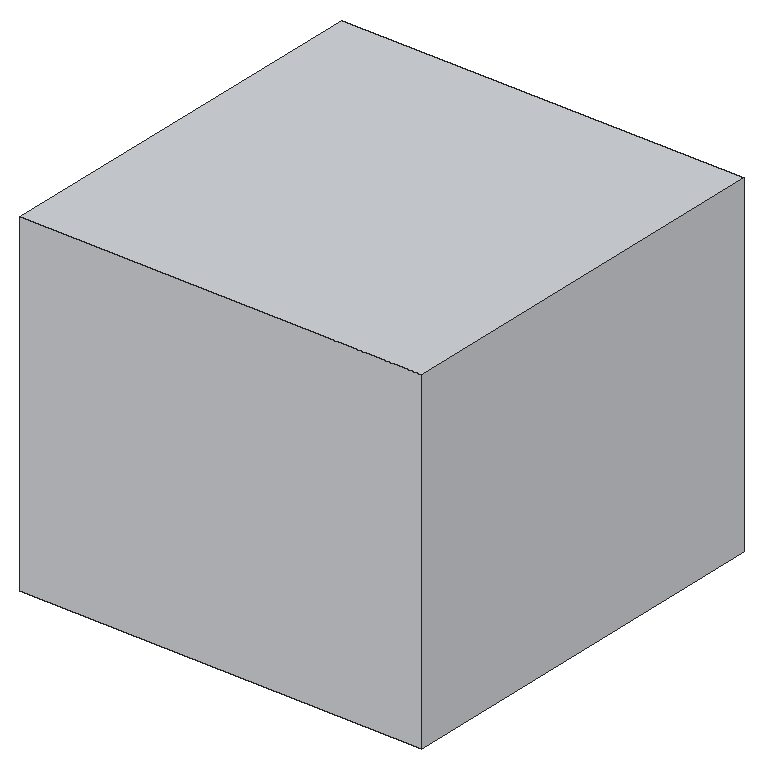
Revit family "defaultFamily", category Generic Models, Revit 2025
Family settings
  Can host rebar = No
  Round Connector Dimension = Use Diameter
  Part Type = Normal
  Work Plane-Based = No
  Always vertical = Yes
  Cut with Voids When Loaded = No
  Maintain Annotation Orientation = No
  Shared = No
  Room Calculation Point = No
Parameters
  Default Elevation = 0 mm
Reference planes
  plane 1 "Center (Front/Back)": y = 0
  plane 2: z = 0
  plane 3 "Center (Left/Right)": x = 0
Forms (mm)
  Extrusion 1, solid
    sketch origin (0, 0, 0) x (1, 0, 0) y (0, 1, 0)
      loop
        line (0, 0) -> (300, 0) -> (300, 300) -> (0, 300) -> (0, 0)
    from 0 to 250
Dimensions and locks
  aligned and locked: level to plane 2
